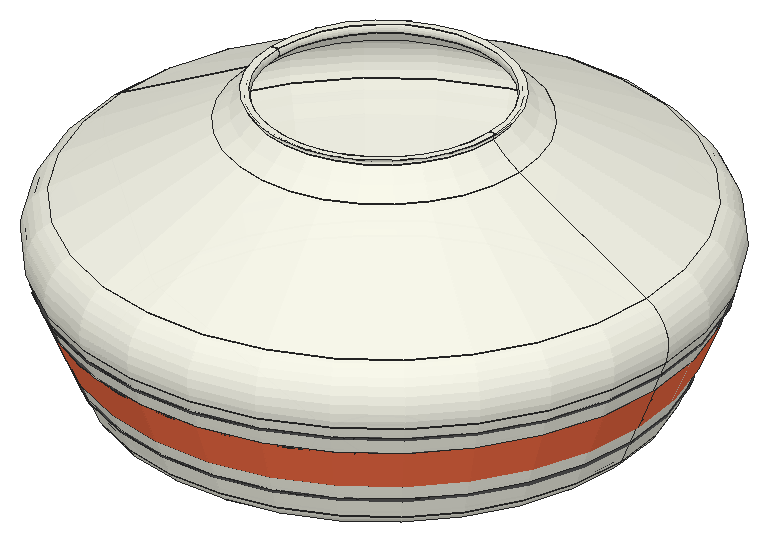
Revit family "PSRD", category Generic Models, Revit 2024
Family settings
  Can host rebar = No
  Round Connector Dimension = Use Diameter
  Part Type = Normal
  Work Plane-Based = No
  Always vertical = Yes
  Cut with Voids When Loaded = No
  Maintain Annotation Orientation = No
  Shared = No
  Room Calculation Point = No
Parameters
  Default Elevation = 0' - 0"
Reference planes (in)
  plane 1 "Center (Front/Back)": y = 0
  plane 2: z = 0
  plane 3 "Center (Left/Right)": x = 0
Forms (in)
  Revolve 1, solid, material "OPAL"
    sketch origin (0, 0, 0) x (1, 0, 0) y (0, 0, 1)
      loop
        line (2.38822, 32.01837) -> (2.23531, 32.01921)
        arc (2.23531, 32.01921) -> (2.21606, 31.93319) -> (2.24189, 31.8489) r 0.17228
        arc (2.24189, 31.8489) -> (2.50547, 31.59106) -> (2.80784, 31.38004) r 2.23561
        line (2.80784, 31.38004) -> (5.51308, 29.94617)
        arc (5.51308, 29.94617) -> (5.87526, 29.52627) -> (5.8577, 28.97203) r 0.76339
        line (5.8577, 28.97203) -> (4.92761, 26.79259)
        arc (4.92761, 26.79259) -> (4.85507, 26.68592) -> (4.74757, 26.61459) r 0.33482
        arc (4.74757, 26.61459) -> (2.94703, 25.96527) -> (1.19836, 25.18702) r 26.36298
        arc (1.19836, 25.18702) -> (0.60941, 25.02065) -> (0, 24.96457) r 3.33904
        line (0, 24.96457) -> (0, 24.87082)
        arc (0, 24.87082) -> (0.62857, 24.92886) -> (1.23588, 25.10101) r 3.43279
        arc (1.23588, 25.10101) -> (2.9818, 25.8782) -> (4.77959, 26.5264) r 26.26923
        arc (4.77959, 26.5264) -> (4.91952, 26.61781) -> (5.01384, 26.75579) r 0.42857
        line (5.01384, 26.75579) -> (5.94393, 28.93524)
        arc (5.94393, 28.93524) -> (5.96364, 29.55754) -> (5.55699, 30.02901) r 0.85714
        line (5.55699, 30.02901) -> (2.85339, 31.462)
        arc (2.85339, 31.462) -> (2.56796, 31.66103) -> (2.31852, 31.90365) r 2.14186
        arc (2.31852, 31.90365) -> (2.3211, 31.98061) -> (2.38822, 32.01837) r 0.07853
      axis (0, 32.01921) -> (0, 24.87082)
    angle from 0 to 360
  Revolve 2, solid, material "PN"
    sketch origin (0, 0, 0) x (1, 0, 0) y (0, 0, 1)
      loop
        line (5.21087, 27.15041) -> (5.24373, 27.22741) -> (5.1418, 27.22741) -> (5.10894, 27.15041) -> (5.21087, 27.15041)
      loop
        line (5.88752, 28.736) -> (5.78559, 28.736) -> (5.75273, 28.659) -> (5.85466, 28.659) -> (5.88752, 28.736)
      loop
        line (5.72749, 28.361) -> (5.62556, 28.361) -> (5.26897, 27.52541) -> (5.3709, 27.52541) -> (5.72749, 28.361)
      axis (0, 28.736) -> (0, 27.15041)
    angle from 0 to 360
Dimensions and locks (in)
  aligned and locked: plane 2 to level
